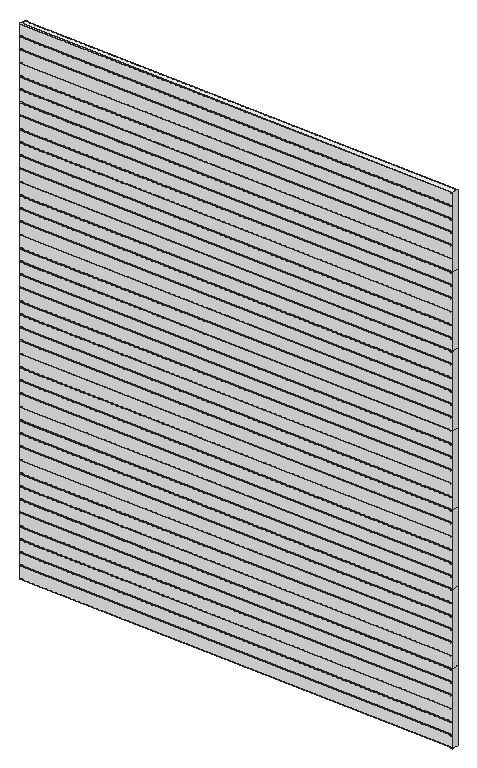
Revit family "3720-1Basic", category Doors, host Wall, Revit 2023
Family settings
  Host = Wall
  OmniClass Number = 23.30.10.17.37.14
  OmniClass Title = Sectional Overhead Doors
  Always vertical = Yes
  Cut with Voids When Loaded = No
  Shared = No
  Room Calculation Point = No
Parameters (values of type "By Type")
  Windload = "Doors available rated for various design pressures; consult Clopay for avaialbility and specifications"
  VisSection6 = NumSections = 6  # no
  VisSection5 = NumSections > 4  # yes
  VisSection4 = NumSections > 3  # yes
  VisSection3 = NumSections > 2  # yes
  VisArray = NumSections > 6  # yes
  URL = "www.clopaydoor.com"
  Track = "Galvanized steel (gauge varies according to door size)"
  Thickness = 0' - 2"  # constant formula
  Spec Wizard = "http://www.arcat.com/specwizard/08360clo/index.htm"
  Section Height = Height / NumSections  # 2' - 0"
  Sales Information = "http://www.clopaydoor.com/where-to-buy.aspx?type=dealer"
  Rough Width = 0' - 0"  # constant formula
  Rough Height = 0' - 0"  # constant formula
  R-Value = "17.2"
  Product Features and Benefits = "http://www.clopaydoor.com/insulated-polyurethane-applications.aspx"
  Overlapping Jamb = yes
  Overlap = if(Overlapping Jamb, 0' 1", 0' 0")  # 0' - 1"
  Opening Width = 12' - 0"
  Opening Height = 14' - 0"
  Omniclass Table = "23-30 10 17 37 "
  NumSectionsNotRounded = Height / 2' 0"  # 7
  NumSections = NumSectionsNotRounded + 0.4999  # 7
  NumArraySections = if(NumSections > 6, NumSections - 5, 2)  # 2
  Model = "3720"
  Maximum Size = "Maximum 32' 2'' wide by 26' 0'' high. Additional limitations may apply do to door weight. Consult Clopay for specificiations and shop drawings."  # constant formula
  Manufacturer Website = "http://www.clopaydoor.com"
  Manufacturer Phone Number = "1-800-526-4301"
  Manufacturer Address = "1400 W. Market St., Troy, OH 45373"
  Manufacturer = "Clopay Building Products Company"
  LEED = "http://products.construction.com/swts_content_files/151607/303186.pdf"
  Keynote = "08 36 13"
  Interior Steel = "28 ga. galvanized, primed, and finish painted"
  Hardware = "14 ga. min. steel hinges; 10-ball steel rollers"
  GreenFormat = "http://www.greenformat.com/products/1536-Polyurethane%20Insulated%20Doors.rtf"
  Function = Interior
  Height = Opening Height + Rough Width * 0  # 14' - 0"
  Wall Closure = By host
  Width = Opening Width + Rough Width * 0  # 12' - 0"
  FloorToSection7 = 6 * Section Height  # 12' - 0"
  FloorToSection6 = 5 * Section Height  # 10' - 0"
  FloorToSection5 = 4 * Section Height  # 8' - 0"
  FloorToSection4 = 3 * Section Height  # 6' - 0"
  FloorToSection3 = 2 * Section Height  # 4' - 0"
  FloorToSection2 = Section Height  # 2' - 0"
  File Revision = "02 (August, 2012)"
  Exterior Steel = "27 ga. galvanized, primed, and finish painted"
  Double End Stiles = Door Width > 14' 2"  # no
  Door Width = Opening Width + Overlap * 2  # 12' - 2"
  Door Height = Opening Height + Rough Width * 0  # 14' - 0"
  Description = "2'' thick polyurethane insulated, stucco embossed 27 gauge steel exterior with light ribbed pattern."
  Core Material = "Expanded polyurethane"
  Copyright = "2010, Clopay Building Products Company, Inc."
  Color = White
  CAD and Specifications = "http://www.clopaydoor.com/insulated-polyurethane-specs.aspx"
  Assembly Code = "B2030410"
Reference planes (in)
  plane 1 "Center (Front/Back)": y = 0
  plane 2 "Center (Left/Right)": x = 0
  plane 3 "Left": x = -72
  plane 4 "Right": x = 72
  plane 5 "Top": z = 168
  plane 6 "Exterior": y = 3
  plane 7 "Interior": y = -3
  plane 8: z = 120
  plane 9: z = 144
Lines and regions (in)
  Opening 1
    outline origin (-90, -3, 0) x (1, 0, 0) y (0, 0, 1)
      loop
        line (18, 0) -> (162, 0) -> (162, 168) -> (18, 168) -> (18, 0)
Text (in)
  text "Exterior" at (-74.96733, 27.31104, 0), in view "Ref. Level"
  text "Interior" at (-74.96733, -25.14366, 0), in view "Ref. Level"
  text "Exterior" at (0, 40.15149, 123.01588), in view "Right"
  text "Interior" at (0, -64.39139, 123.01588), in view "Right"
  text "Interior" at (0, -31.01599, 123.00693), in view "Left"
  text "Exterior" at (0, 54.57065, 123.00693), in view "Left"
Dimensions and locks (in)
  equal spacing: plane 3 "Left", plane 2 "Center (Left/Right)", plane 4 "Right"
  "Height": level to plane 5 "Top"
  "Width": plane 3 "Left" to plane 4 "Right"
  host wall to plane 5 "Top" = 14' - 0"
  nested 1 to plane 7 "Interior" = 0' - 0 1/2"
  "FloorToSection6": plane 8 to level
  "FloorToSection7": plane 9 to level
  group 1 to group 2 = 0' - 0"  (x2)
  group 1 to group 2 = 2' - 0"
  host wall to host wall = 67' - 6"
  aligned and locked: plane 3 "Left" to Opening 1 sketch curve
  aligned and locked: plane 5 "Top" to Opening 1 sketch curve  (x2)
  aligned and locked: Opening 1 sketch curve to plane 4 "Right"
  aligned and locked: Opening 1 sketch curve to level
  aligned and locked: plane 6 "Exterior" to host wall
  aligned and locked: host wall to plane 7 "Interior"
  aligned and locked: plane 2 "Center (Left/Right)" to nested 2
  aligned and locked: plane 2 "Center (Left/Right)" to nested 3
  aligned and locked: plane 2 "Center (Left/Right)" to nested 4
  aligned and locked: plane 2 "Center (Left/Right)" to nested 5
  aligned and locked: plane 2 "Center (Left/Right)" to nested 7
  aligned and locked: nested 7 to plane 8
  aligned and locked: nested 8 to plane 9
  aligned and locked: plane 7 "Interior" to nested 2
  aligned and locked: plane 7 "Interior" to nested 7
  aligned and locked: host wall to nested 8
  aligned and locked: plane 7 "Interior" to nested 3
  aligned and locked: host wall to nested 3
  aligned and locked: plane 7 "Interior" to nested 1
  aligned and locked: nested 2 to host wall
  aligned and locked: plane 7 "Interior" to nested 6
  aligned and locked: plane 7 "Interior" to nested 5
  aligned and locked: host wall to nested 7
  aligned and locked: plane 7 "Interior" to nested 4
Nested families (in)
  nested 1: "Section" at (0, 0, 0), type "Solid"
  nested 2: "Section" at (0, 0, 24), built-in parameter 1001364 <- "Section Height", type "Solid"
  nested 3: "Section" at (0, 0, 48), built-in parameter 1001364 <- "FloorToSection3", visible <- "VisSection3", type "Solid"
  nested 4: "Section" at (0, 0, 120), built-in parameter 1001364 <- "FloorToSection6", visible <- "VisSection6", type "Solid"
  nested 5: "Section" at (0, 0, 96), built-in parameter 1001364 <- "FloorToSection5", visible <- "VisSection5", type "Solid"
  nested 6: "Section" at (0, 0, 72), built-in parameter 1001364 <- "FloorToSection4", visible <- "VisSection4", type "Solid"
  nested 7: "Section" at (0, 0, 120), visible <- "VisArray", type "Solid"
  nested 8: "Section" at (0, 0, 144), visible <- "VisArray", type "Solid"
Definition of nested family "Section"
  Parameters
    X9 = if(if(NumArrayedWindows < NumWindows, NumArrayedWindows + 1, NumWindows) < 9, X1, X8 + 3' 8")  # 1' - 5 1/2"
    X8 = if(if(NumArrayedWindows < NumWindows, NumArrayedWindows + 1, NumWindows) < 8, X1, X7 + 3' 8")  # 1' - 5 1/2"
    X7 = if(if(NumArrayedWindows < NumWindows, NumArrayedWindows + 1, NumWindows) < 7, X1, X6 + 3' 8")  # 1' - 5 1/2"
    X6 = if(if(NumArrayedWindows < NumWindows, NumArrayedWindows + 1, NumWindows) < 6, X1, X5 + 3' 8")  # 1' - 5 1/2"
    X5 = if(if(NumArrayedWindows < NumWindows, NumArrayedWindows + 1, NumWindows) < 5, X1, X4 + 3' 8")  # 1' - 5 1/2"
    X4 = if(if(NumArrayedWindows < NumWindows, NumArrayedWindows + 1, NumWindows) < 4, X1, X3 + 3' 8")  # 1' - 5 1/2"
    X3 = if(NumWindows < 3, X1, X2 + 3' 8")  # 8' - 9 1/2"
    X2 = if(NumWindows < 2, ((Door Width - (NumWindows - 1) * 3' 8") / 2 - Cutout Width / 2), ((Door Width - (NumWindows - 1) * 3' 8") / 2 - Cutout Width / 2) + 3' 8")  # 5' - 1 1/2"
    WindowVis = no
    WindowCutDepth = -0' - 0 13/128"
    Section Height = 2' - 0"
    RibSpacing = Section Height / (NumRibs + 1)  # 0' - 4"
    NumWindows = if(Door Width < 9' 4", 2, if(Door Width < 13' 4", 3, if(Door Width < 16' 4", 4, if(Door Width < 20' 4", 5, if(Door Width < 24' 4", 6, if(Door Width < 26' 4", 7, if(Door Width < 31' 8", 8, 10)))))))  # 3
    NumRibs = if(Section Height < 1' 9", 3, if(Section Height < 2' 0", 4, 5))  # 5
    NumArrayedWindows = if(X2 = X1, NumWindows - 2, NumWindows)  # 3
    Half Section Height = Section Height / 2  # 1' - 0"
    Half Door Width Neg = -Half Door Width  # -6' - 1"
    Half Door Width = Door Width / 2  # 6' - 1"
    Half Cutout Height = Cutout Height / 2  # 0' - 3 1/2"
    Function = (empty or 0)
    Height = 0' - 0"
    Wall Closure = (empty or 0)
    Width = 0' - 0"
    X1 = if(or(Door Width > 31' 6", and(Door Width > 26' 2", Door Width < 28' 1"), Door Width = 24' 3", Door Width = 24' 4", and(Door Width > 20' 2", Door Width < 20' 11"), and(Door Width > 16' 2", Door Width < 17' 3")), X2, (Door Width - (NumWindows - 1) * 3' 8") / 2 - Cutout Width / 2)  # 1' - 5 1/2"
    Door Width = 12' - 2"
    CutoutToCutout = 1' - 0"
    Cutout Width = 1' - 11"
    Cutout Height = 0' - 7"
    Color = none
    BtmTo1stRib = RibSpacing  # 0' - 4"
    Assembly Code = ""
  Reference planes (in)
    plane 1 "Center (Front/Back)": y = 0
    plane 2 "Center (Left/Right)": x = 0
    plane 3 "Exterior": y = 3
    plane 4 "Interior": y = -3
    plane 5: y = -3.5
    plane 6: x = 73
    plane 7: x = -73
    plane 8: z = 4
    plane 9: z = 8
    plane 10: z = 24
    plane 11: z = 12
    plane 12: z = 0
  Forms (in)
    Extrusion 1, solid, material <- "Color"
      sketch origin (-73, -12, 83.08252) x (0, 0, 1) y (0, -1, 0)
        loop
          line (-59.08252, -8.37573) -> (-59.08252, -6.62444)
          arc (-59.08252, -6.62444) -> (-59.11897, -6.53645) -> (-59.20696, -6.5) r 0.12444
          line (-59.20696, -6.5) -> (-82.95809, -6.5)
          arc (-82.95809, -6.5) -> (-83.04608, -6.53645) -> (-83.08252, -6.62444) r 0.12444
          line (-83.08252, -6.62444) -> (-83.08252, -8.37573)
          arc (-83.08252, -8.37573) -> (-83.04612, -8.4636) -> (-82.95825, -8.5) r 0.12427
          line (-82.95825, -8.5) -> (-59.20679, -8.5)
          arc (-59.20679, -8.5) -> (-59.11892, -8.4636) -> (-59.08252, -8.37573) r 0.12427
      from 0 to 146 <- "Door Width"
    Extrusion 2, void
      sketch origin (0, 0, -0.5) x (0, -1, 0) y (0, 0, 1)
        loop
          line (3.5, 4.62727) -> (3.5, 4.37273) -> (3.53032, 4.41942)
          arc (3.53032, 4.41942) -> (3.53753, 4.43506) -> (3.54, 4.4521) r 0.06
          line (3.54, 4.4521) -> (3.54, 4.5479)
          arc (3.54, 4.5479) -> (3.53753, 4.56494) -> (3.53032, 4.58058) r 0.06
          line (3.53032, 4.58058) -> (3.5, 4.62727)
      from -73 <- "Half Door Width Neg" to 146 <- "Door Width"
    Extrusion 3, void
      sketch origin (0, 0, 3.5) x (0, -1, 0) y (0, 0, 1)
        loop
          line (3.5, 4.62727) -> (3.5, 4.37273) -> (3.53032, 4.41942)
          arc (3.53032, 4.41942) -> (3.53753, 4.43506) -> (3.54, 4.4521) r 0.06
          line (3.54, 4.4521) -> (3.54, 4.5479)
          arc (3.54, 4.5479) -> (3.53753, 4.56494) -> (3.53032, 4.58058) r 0.06
          line (3.53032, 4.58058) -> (3.5, 4.62727)
      from -73 <- "Half Door Width Neg" to 146 <- "Door Width"
    Extrusion 4, void
      sketch origin (0, 0, 7.5) x (0, -1, 0) y (0, 0, 1)
        loop
          line (3.5, 4.62727) -> (3.5, 4.37273) -> (3.53032, 4.41942)
          arc (3.53032, 4.41942) -> (3.53753, 4.43506) -> (3.54, 4.4521) r 0.06
          line (3.54, 4.4521) -> (3.54, 4.5479)
          arc (3.54, 4.5479) -> (3.53753, 4.56494) -> (3.53032, 4.58058) r 0.06
          line (3.53032, 4.58058) -> (3.5, 4.62727)
      from -73 <- "Half Door Width Neg" to 146 <- "Door Width"
    Extrusion 5, void
      sketch origin (0, -8.99984, -0.5) x (0, 1, 0) y (0, 0, -1)
        loop
          line (3.5, -4.62727) -> (3.53032, -4.58058)
          arc (3.53032, -4.58058) -> (3.53753, -4.56494) -> (3.54, -4.5479) r 0.06
          line (3.54, -4.5479) -> (3.54, -4.4521)
          arc (3.54, -4.4521) -> (3.53753, -4.43506) -> (3.53032, -4.41942) r 0.06
          line (3.53032, -4.41942) -> (3.5, -4.37273) -> (3.5, -4.62727)
      from -73 <- "Half Door Width Neg" to 146 <- "Door Width"
    Extrusion 6, void
      sketch origin (0, -8.99984, 3.5) x (0, 1, 0) y (0, 0, -1)
        loop
          line (3.5, -4.62727) -> (3.53032, -4.58058)
          arc (3.53032, -4.58058) -> (3.53753, -4.56494) -> (3.54, -4.5479) r 0.06
          line (3.54, -4.5479) -> (3.54, -4.4521)
          arc (3.54, -4.4521) -> (3.53753, -4.43506) -> (3.53032, -4.41942) r 0.06
          line (3.53032, -4.41942) -> (3.5, -4.37273) -> (3.5, -4.62727)
      from -73 <- "Half Door Width Neg" to 146 <- "Door Width"
    Extrusion 7, void
      sketch origin (0, -8.99984, 7.5) x (0, 1, 0) y (0, 0, -1)
        loop
          line (3.5, -4.62727) -> (3.53032, -4.58058)
          arc (3.53032, -4.58058) -> (3.53753, -4.56494) -> (3.54, -4.5479) r 0.06
          line (3.54, -4.5479) -> (3.54, -4.4521)
          arc (3.54, -4.4521) -> (3.53753, -4.43506) -> (3.53032, -4.41942) r 0.06
          line (3.53032, -4.41942) -> (3.5, -4.37273) -> (3.5, -4.62727)
      from -73 <- "Half Door Width Neg" to 146 <- "Door Width"
    Extrusion 8, void
      sketch origin (0, 0, 11.5) x (0, -1, 0) y (0, 0, 1)
        loop
          line (3.5, 4.62727) -> (3.5, 4.37273) -> (3.53032, 4.41942)
          arc (3.53032, 4.41942) -> (3.53753, 4.43506) -> (3.54, 4.4521) r 0.06
          line (3.54, 4.4521) -> (3.54, 4.5479)
          arc (3.54, 4.5479) -> (3.53753, 4.56494) -> (3.53032, 4.58058) r 0.06
          line (3.53032, 4.58058) -> (3.5, 4.62727)
      from -73 <- "Half Door Width Neg" to 146 <- "Door Width"
    Extrusion 9, void
      sketch origin (0, -8.99984, 11.5) x (0, 1, 0) y (0, 0, -1)
        loop
          line (3.5, -4.62727) -> (3.53032, -4.58058)
          arc (3.53032, -4.58058) -> (3.53753, -4.56494) -> (3.54, -4.5479) r 0.06
          line (3.54, -4.5479) -> (3.54, -4.4521)
          arc (3.54, -4.4521) -> (3.53753, -4.43506) -> (3.53032, -4.41942) r 0.06
          line (3.53032, -4.41942) -> (3.5, -4.37273) -> (3.5, -4.62727)
      from -73 <- "Half Door Width Neg" to 146 <- "Door Width"
    Extrusion 10, void
      sketch origin (0, 0, 15.5) x (0, -1, 0) y (0, 0, 1)
        loop
          line (3.5, 4.62727) -> (3.5, 4.37273) -> (3.53032, 4.41942)
          arc (3.53032, 4.41942) -> (3.53753, 4.43506) -> (3.54, 4.4521) r 0.06
          line (3.54, 4.4521) -> (3.54, 4.5479)
          arc (3.54, 4.5479) -> (3.53753, 4.56494) -> (3.53032, 4.58058) r 0.06
          line (3.53032, 4.58058) -> (3.5, 4.62727)
      from -73 <- "Half Door Width Neg" to 146 <- "Door Width"
    Extrusion 11, void
      sketch origin (0, -8.99984, 15.5) x (0, 1, 0) y (0, 0, -1)
        loop
          line (3.5, -4.62727) -> (3.53032, -4.58058)
          arc (3.53032, -4.58058) -> (3.53753, -4.56494) -> (3.54, -4.5479) r 0.06
          line (3.54, -4.5479) -> (3.54, -4.4521)
          arc (3.54, -4.4521) -> (3.53753, -4.43506) -> (3.53032, -4.41942) r 0.06
          line (3.53032, -4.41942) -> (3.5, -4.37273) -> (3.5, -4.62727)
      from -73 <- "Half Door Width Neg" to 146 <- "Door Width"
  Cuts and joins
    Extrusion 2, Extrusion 3, Extrusion 4, Extrusion 5, Extrusion 6, Extrusion 7, Extrusion 8, Extrusion 9, Extrusion 10, Extrusion 11 cuts Extrusion 1
  Lines and regions (in)
    reference lines
      curve 1: line (-72, -3.54, 4) -> (-72, -3.5, 4)
      curve 2: line (-72, -5.45984, 4) -> (-72, -5.49984, 4)
      curve 3: line (-72, -3.54, 8) -> (-72, -3.5, 8)
      curve 4: line (-72, -3.54, 12) -> (-72, -3.5, 12)
      curve 5: line (-72, -5.45984, 4) -> (-72, -5.49984, 4)
      curve 6: line (-72, -5.45984, 8) -> (-72, -5.49984, 8)
      curve 7: line (-72, -5.45984, 12) -> (-72, -5.49984, 12)
      curve 8: line (-72, -3.54, 16) -> (-72, -3.5, 16)
      curve 9: line (-72, -5.45984, 16) -> (-72, -5.49984, 16)
      curve 10: line (-72, -3.54, 20) -> (-72, -3.5, 20)
      curve 11: line (-72, -5.45984, 20) -> (-72, -5.49984, 20)
  Text (in)
    text "Exterior" at (-74.96733, 27.31104, 0), in view "Ref. Level"
    text "Interior" at (-74.96733, -25.14366, 0), in view "Ref. Level"
    text "Exterior" at (0, 40.15149, 123.01588), in view "Right"
    text "Interior" at (0, -64.39139, 123.01588), in view "Right"
    text "Interior" at (0, -31.01599, 123.00693), in view "Left"
    text "Exterior" at (0, 54.57065, 123.00693), in view "Left"
  Dimensions and locks (in)
    plane 4 "Interior" to plane 5 = 0' - 0 1/2"
    "Half Door Width": plane 2 "Center (Left/Right)" to plane 7
    "Half Door Width": plane 6 to plane 2 "Center (Left/Right)"
    Extrusion 1 sketch curve to Extrusion 1 sketch curve = 0' - 2"
    Extrusion 2 sketch curve to Extrusion 2 sketch curve = 0' - 0.25454"
    Extrusion 2 sketch curve to Extrusion 2 sketch curve = 0' - 0.04"  (x2)
    "BtmTo1stRib": plane 8 to level
    curve 1 to Extrusion 2 sketch curve = 0' - 0.12727"
    "RibSpacing": plane 9 to plane 8
    "Section Height": plane 10 to level
    Extrusion 3 sketch curve to Extrusion 3 sketch curve = 0' - 0.25454"
    Extrusion 3 sketch curve to Extrusion 3 sketch curve = 0' - 0.04"  (x2)
    curve 3 to Extrusion 3 sketch curve = 0' - 0.12727"
    equal spacing: group 1, group 2, group 3, group 4, group 5  (x3)
    Extrusion 4 sketch curve to Extrusion 4 sketch curve = 0' - 0.25454"
    Extrusion 4 sketch curve to Extrusion 4 sketch curve = 0' - 0.04"  (x2)
    curve 4 to Extrusion 4 sketch curve = 0' - 0.12727"
    Extrusion 5 sketch curve to Extrusion 5 sketch curve = 0' - 0.25454"
    Extrusion 5 sketch curve to Extrusion 5 sketch curve = 0' - 0.04"  (x2)
    Extrusion 5 sketch curve to curve 5 = 0' - 0.12727"
    Extrusion 6 sketch curve to Extrusion 6 sketch curve = 0' - 0.25454"
    Extrusion 6 sketch curve to Extrusion 6 sketch curve = 0' - 0.04"  (x2)
    Extrusion 6 sketch curve to curve 6 = 0' - 0.12727"
    Extrusion 7 sketch curve to Extrusion 7 sketch curve = 0' - 0.25454"
    Extrusion 7 sketch curve to Extrusion 7 sketch curve = 0' - 0.04"  (x2)
    Extrusion 7 sketch curve to curve 7 = 0' - 0.12727"
    "Half Section Height": level to plane 11
    Extrusion 8 sketch curve to Extrusion 8 sketch curve = 0' - 0.25454"
    Extrusion 8 sketch curve to Extrusion 8 sketch curve = 0' - 0.04"  (x2)
    curve 8 to Extrusion 8 sketch curve = 0' - 0.12727"
    Extrusion 9 sketch curve to Extrusion 9 sketch curve = 0' - 0.25454"
    Extrusion 9 sketch curve to Extrusion 9 sketch curve = 0' - 0.04"  (x2)
    Extrusion 9 sketch curve to curve 9 = 0' - 0.12727"
    Extrusion 10 sketch curve to Extrusion 10 sketch curve = 0' - 0.25454"
    Extrusion 10 sketch curve to Extrusion 10 sketch curve = 0' - 0.04"  (x2)
    curve 10 to Extrusion 10 sketch curve = 0' - 0.12727"
    Extrusion 11 sketch curve to Extrusion 11 sketch curve = 0' - 0.25454"
    Extrusion 11 sketch curve to Extrusion 11 sketch curve = 0' - 0.04"  (x2)
    Extrusion 11 sketch curve to curve 11 = 0' - 0.12727"
    locked: plane 4 "Interior" to cut or joined group 1 (Extrusion 1, Extrusion 2, Extrusion 3, Extrusion 4, Extrusion 5, Extrusion 6, Extrusion 7, Extrusion 8, Extrusion 9, Extrusion 10, Extrusion 11) at 0.5
    radius of Extrusion 1 sketch curve = 0' - 0.12427"  (x2)
    radius of Extrusion 1 sketch curve = 0' - 0.12444"  (x2)
    angle Extrusion 2 sketch curve to Extrusion 2 sketch curve = 147.00°  (x2)
    angle Extrusion 3 sketch curve to Extrusion 3 sketch curve = 147.00°  (x2)
    angle Extrusion 4 sketch curve to Extrusion 4 sketch curve = 147.00°  (x2)
    angle Extrusion 5 sketch curve to Extrusion 5 sketch curve = 147.00°  (x2)
    angle Extrusion 6 sketch curve to Extrusion 6 sketch curve = 147.00°  (x2)
    angle Extrusion 7 sketch curve to Extrusion 7 sketch curve = 147.00°  (x2)
    angle Extrusion 8 sketch curve to Extrusion 8 sketch curve = 147.00°  (x2)
    angle Extrusion 9 sketch curve to Extrusion 9 sketch curve = 147.00°  (x2)
    angle Extrusion 10 sketch curve to Extrusion 10 sketch curve = 147.00°  (x2)
    angle Extrusion 11 sketch curve to Extrusion 11 sketch curve = 147.00°  (x2)
    aligned and locked: Extrusion 1 sketch curve to plane 5
    aligned and locked: plane 8 to curve 1
    aligned and locked: plane 9 to curve 3
    aligned: cut or joined group 1 to cut or joined group 1  (x9)
    aligned and locked: plane 12 to level
  Automatic sketch dimensions
    curve 2 to curve 1 = 0' - 1.91984"
    curve 1 to curve 1 = 0' - 0.04"  (x2)
    curve 1 to curve 2 = 0' - 1.91984"
    curve 2 to curve 2 = 0' - 0.04"  (x2)
    Extrusion 2 sketch curve to Extrusion 2 sketch curve = 0' - 0"
    Extrusion 2 sketch curve to Extrusion 2 sketch curve = 0' - 0.02"
    Extrusion 2 sketch curve to Extrusion 2 sketch curve = 0' - 0.00968"  (x2)
    curve 5 to curve 1 = 0' - 0"
    curve 1 to curve 5 = 0' - 1.91984"
    curve 5 to curve 5 = 0' - 0.04"
    Extrusion 5 sketch curve to Extrusion 5 sketch curve = 0' - 0"
    Extrusion 5 sketch curve to Extrusion 5 sketch curve = 0' - 0.02"
    Extrusion 5 sketch curve to Extrusion 5 sketch curve = 0' - 0.00968"  (x2)
    Extrusion 3 sketch curve to Extrusion 3 sketch curve = 0' - 0"
    Extrusion 3 sketch curve to Extrusion 3 sketch curve = 0' - 0.02"
    Extrusion 3 sketch curve to Extrusion 3 sketch curve = 0' - 0.00968"  (x2)
    curve 6 to curve 3 = 0' - 0"
    curve 3 to curve 3 = 0' - 0.04"
    curve 3 to curve 6 = 0' - 1.91984"
    curve 6 to curve 6 = 0' - 0.04"
    Extrusion 4 sketch curve to Extrusion 4 sketch curve = 0' - 0"
    Extrusion 4 sketch curve to Extrusion 4 sketch curve = 0' - 0.02"
    Extrusion 4 sketch curve to Extrusion 4 sketch curve = 0' - 0.00968"  (x2)
    curve 7 to curve 4 = 0' - 0"
    curve 4 to curve 4 = 0' - 0.04"
    curve 4 to curve 7 = 0' - 1.91984"
    curve 7 to curve 7 = 0' - 0.04"
    Extrusion 7 sketch curve to Extrusion 7 sketch curve = 0' - 0.00968"
    Extrusion 6 sketch curve to Extrusion 6 sketch curve = 0' - 0.00968"
    curve 2 to plane 8 = 0' - 0"
    curve 2 to plane 5 = 0' - 1.95984"
    Extrusion 1 sketch curve to plane 10 = 0' - 0"
    Extrusion 1 sketch curve to level = 0' - 0"
    Extrusion 8 sketch curve to Extrusion 8 sketch curve = 0' - 0"
    Extrusion 8 sketch curve to Extrusion 8 sketch curve = 0' - 0.02"
    Extrusion 8 sketch curve to Extrusion 8 sketch curve = 0' - 0.00968"  (x2)
    curve 9 to curve 8 = 0' - 0"
    curve 8 to curve 8 = 0' - 0.04"
    curve 8 to curve 9 = 0' - 1.91984"
    curve 9 to curve 9 = 0' - 0.04"
    Extrusion 9 sketch curve to Extrusion 9 sketch curve = 0' - 0"
    Extrusion 9 sketch curve to Extrusion 9 sketch curve = 0' - 0.02"
    Extrusion 9 sketch curve to Extrusion 9 sketch curve = 0' - 0.00968"  (x2)
    Extrusion 10 sketch curve to Extrusion 10 sketch curve = 0' - 0"
    Extrusion 10 sketch curve to Extrusion 10 sketch curve = 0' - 0.02"
    Extrusion 10 sketch curve to Extrusion 10 sketch curve = 0' - 0.00968"  (x2)
    curve 11 to curve 10 = 0' - 0"
    curve 10 to curve 10 = 0' - 0.04"
    curve 10 to curve 11 = 0' - 1.91984"
    curve 11 to curve 11 = 0' - 0.04"
    Extrusion 11 sketch curve to Extrusion 11 sketch curve = 0' - 0"
    Extrusion 11 sketch curve to Extrusion 11 sketch curve = 0' - 0.02"
    Extrusion 11 sketch curve to Extrusion 11 sketch curve = 0' - 0.00968"  (x2)
